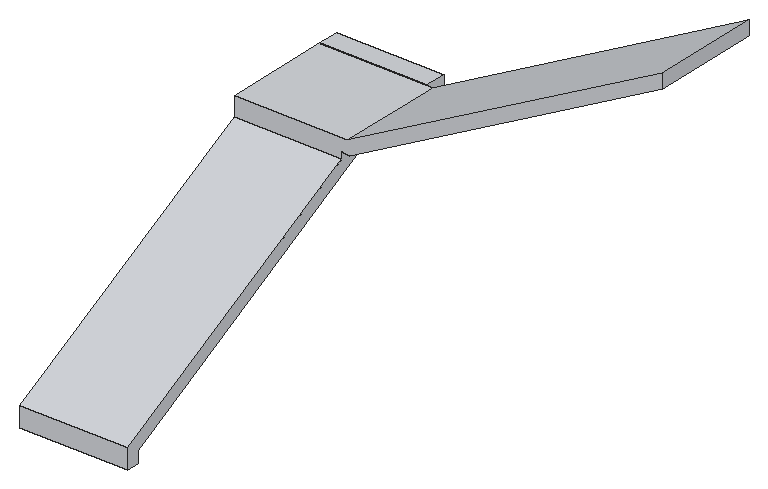
Revit family "BS_ThangBTCT_2 Vế vuông góc", category Structural Framing, Revit 2019
Family settings
  Structural Framing Length Roundoff = 0 mm
  Section Shape = Not Defined
  Material for Model Behavior = Other
  Always export as geometry = No
  Work Plane-Based = No
  Always vertical = No
  Cut with Voids When Loaded = No
  Symbolic Representation = From Family
  Shared = No
  Show family pre-cut in plan views = Yes
Parameters
  Ẩn Dầm [instance] = yes
  x1 [instance] = 50 mm
  VatLieu_Thang [instance] = none
  VatLieu_Dam [instance] = none
  Tổng Chiều Cao [instance] = ChieuNghi_H1 + ChieuNghi_H2  # 3100 mm
  Rong.Thang_R2 [instance] = 1000 mm
  Rong.Thang_R1 [instance] = 1000 mm
  Off_ChanThang [instance] = 180 mm
  Dầm_H [instance] = 350 mm
  Dầm_B [instance] = 200 mm
  Description = "0914922502"
  Dai.Thang_L2 [instance] = 3000 mm
  Dai.Thang_L1 [instance] = 2500 mm
  ChieuNghi_H2 [instance] = 1600 mm
  ChieuNghi_H1 [instance] = 1500 mm
  BanThang_Dày [instance] = 120 mm
  BacThang_Cao [instance] = 175 mm
  BS_Đơn vị tư vấn = "BIM SPEED"
  BS_Người Tạo = "Hoàng Tới"
  Am [instance] = Dầm_B * (-1)  # -200 mm
Reference planes
  plane 1 "Center (Front/Back)": y = 0
  plane 2: z = 0
  plane 3 "Center (Left/Right)": x = 0
  plane 4 "CN2": z = 3100
  plane 5 "CN1": z = 1500
  plane 6: x = 1000
  plane 7: y = 2500
  plane 8: y = 3500
  plane 9: x = 4000
  plane 10 "CN4": z = 1325
  plane 11 "CN5": z = 1380
  plane 12: x = 1050
Forms (mm)
  Extrusion 1, solid, material <- "VatLieu_Thang"
    sketch origin (0, 0, 0) x (0, 1, 0) y (0, 0, 1)
      loop
        line (0, 0) -> (0, -180) -> (120, -180) -> (120, -72.212) -> (2860.023, 1380) -> (3500, 1380) -> (3500, 1500) -> (2500, 1500) -> (2500, 1325) -> (0, 0)
    from 0 to 1000
  Extrusion 2, solid, material <- "VatLieu_Thang"
    sketch origin (10952.917, 3500, 1200) x (1, 0, 0) y (0, 0, 1)
      loop
        line (-9952.917, 300) -> (-9952.917, 180) -> (-9872.469, 180) -> (-6952.917, 1763.486) -> (-6952.917, 1900) -> (-9902.917, 300) -> (-9952.917, 300)
    from 0 to 1000
  Extrusion 3, solid, material <- "VatLieu_Dam", visible <- "Ẩn Dầm"
    sketch origin (10952.917, 3500, 1200) x (1, 0, 0) y (0, 0, 1)
      loop
        line (-10952.917, 300) -> (-10952.917, -50) -> (-9952.917, -50) -> (-9952.917, 300) -> (-10952.917, 300)
    from 0 to -200 <- "Am"
Cuts and joins
  joined: Extrusion 1, Extrusion 2
Dimensions and locks
  "ChieuNghi_H1": plane 2 to plane 5 "CN1"
  "ChieuNghi_H2": plane 5 "CN1" to plane 4 "CN2"
  "Rong.Thang_R1": plane 3 "Center (Left/Right)" to plane 6
  "Dai.Thang_L1": plane 1 "Center (Front/Back)" to plane 7
  "Rong.Thang_R2": plane 7 to plane 8
  "BacThang_Cao": plane 5 "CN1" to plane 10 "CN4"
  "BanThang_Dày": plane 5 "CN1" to plane 11 "CN5"
  "BanThang_Dày": Extrusion 1 sketch curve to Extrusion 1 sketch curve
  "ChieuNghi_H1": plane 5 "CN1" to plane 2
  plane 5 "CN1" to plane 10 "CN4" = 175 mm
  plane 5 "CN1" to plane 11 "CN5" = 120 mm
  "BanThang_Dày": Extrusion 1 sketch curve to plane 1 "Center (Front/Back)"
  "Off_ChanThang": Extrusion 1 sketch curve to plane 2
  "Dai.Thang_L2": plane 6 to plane 9
  "Dầm_H": Extrusion 3 sketch curve to Extrusion 3 sketch curve
  "x1": plane 12 to plane 6
  "BanThang_Dày": Extrusion 2 sketch curve to Extrusion 2 sketch curve
  aligned and locked: level to plane 2
  aligned and locked: plane 5 "CN1" to Extrusion 1 sketch curve
  aligned and locked: Extrusion 1 sketch curve to plane 7
  aligned and locked: Extrusion 1 sketch curve to plane 8
  aligned and locked: plane 7 to Extrusion 1 sketch curve
  aligned and locked: plane 10 "CN4" to Extrusion 1 sketch curve
  aligned and locked: Extrusion 1 sketch curve to plane 11 "CN5"
  aligned and locked: plane 1 "Center (Front/Back)" to Extrusion 1 sketch curve
  aligned and locked: plane 2 to Extrusion 1 sketch curve
  aligned and locked: Extrusion 1 to plane 3 "Center (Left/Right)"
  aligned and locked: plane 6 to Extrusion 1
  aligned and locked: Extrusion 2 sketch curve to plane 11 "CN5"
  aligned and locked: Extrusion 2 to plane 8
  aligned and locked: plane 7 to Extrusion 2
  aligned and locked: Extrusion 2 sketch curve to plane 9
  aligned and locked: plane 4 "CN2" to Extrusion 2 sketch curve
  aligned and locked: Extrusion 3 sketch curve to cut or joined group of Extrusion 1, Extrusion 2
  aligned and locked: Extrusion 3 sketch curve to plane 6
  aligned and locked: plane 6 to Extrusion 2 sketch curve
  aligned and locked: plane 12 to Extrusion 2 sketch curve
  aligned and locked: Extrusion 2 sketch curve to plane 5 "CN1"
Automatic sketch dimensions
  Extrusion 3 sketch curve to plane 5 "CN1" = 0 mm
